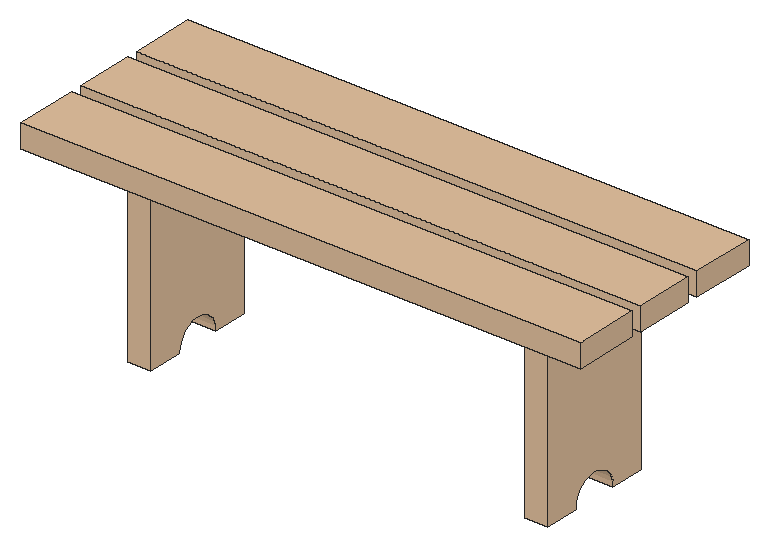
Revit family "0af610f3749c4beab2079806668d6a8e", category Furniture, Revit 2021
Family settings
  OmniClass Number = 23.40.20.14.14.21
  OmniClass Title = Benches
  Seek Item ID = Bench-Locker Room-0000-USA-ENU
  Work Plane-Based = No
  Always vertical = Yes
  Cut with Voids When Loaded = No
  Shared = Yes
  Room Calculation Point = No
Parameters (values of type "48" x 18" x 18"")
  Default Elevation = 0' - 0"
  Assembly Code = "E2020200"
  Bench Material = Cherry
  Depth = 1' - 6"
  Height = 1' - 6"
  Width = 4' - 0"
Types (4): name | Height | Width
  (no name) | 1' - 6" | 4' - 0"
  48" x 18" x 14" | 1' - 2" | 4' - 0"
  48" x 18" x 18" | 1' - 6" | 4' - 0"
  60" x 18" x 18" | 1' - 6" | 5' - 0"
Reference planes (in)
  plane 1 "Center (Front/Back)": y = -7.11475
  plane 2: z = 0
  plane 3 "Center (Left/Right)": x = -6.11475
  plane 4: y = 1.88525
  plane 5: y = -16.11475
  plane 6: x = 17.88525
  plane 7: x = -30.11475
  plane 8: y = -2.11475
  plane 9: y = -12.11475
  plane 10: y = -12.11475
  plane 11: y = -2.11475
  plane 12: y = -4.11475
  plane 13: y = -10.11475
Forms (in)
  Extrusion 1, solid, material "Cherry" <- "Bench Material"
    sketch origin (0, 0, 0) x (1, 0, 0) y (0, 1, 0)
      loop
        line (-30.11475, 1.88525) -> (-30.11475, -3.61475) -> (17.88525, -3.61475) -> (17.88525, 1.88525) -> (-30.11475, 1.88525)
      loop
        line (-30.11475, -16.11475) -> (17.88525, -16.11475) -> (17.88525, -10.61475) -> (-30.11475, -10.61475) -> (-30.11475, -16.11475)
      loop
        line (-30.11475, -4.61475) -> (-30.11475, -9.61475) -> (17.88525, -9.61475) -> (17.88525, -4.61475) -> (-30.11475, -4.61475)
    from 16 to 18
  Extrusion 2, solid, material "Cherry" <- "Bench Material"
    sketch origin (-30.11475, 1.88525, 18) x (0, 0, -1) y (0, -1, 0)
      loop
        line (2, 4) -> (18, 4) -> (18, 7)
        arc (18, 7) -> (16, 9) -> (18, 11) r 2
        line (18, 11) -> (18, 14) -> (2, 14) -> (2, 4)
    from -6 to -8
  Extrusion 3, solid, material "Cherry" <- "Bench Material"
    sketch origin (17.88525, -3.61475, 18) x (0, 0, -1) y (0, 1, 0)
      loop
        line (2, -8.5) -> (18, -8.5) -> (18, -5.5)
        arc (18, -5.5) -> (16, -3.5) -> (18, -1.5) r 2
        line (18, -1.5) -> (18, 1.5) -> (2, 1.5) -> (2, -8.5)
    from -6 to -8
Lines and regions (in)
  Masking region 1
    outline origin (0, 0, 0) x (1, 0, 0) y (0, 1, 0)
      loop
        line (-30.11475, 1.88525) -> (-30.11475, -16.11475) -> (17.88525, -16.11475) -> (17.88525, 1.88525) -> (-30.11475, 1.88525)
  symbolic lines
    curve 1: line (-30.11475, -3.61475, 0) -> (17.88525, -3.61475, 0)
    curve 2: line (-30.11475, -4.61475, 0) -> (17.88525, -4.61475, 0)
    curve 3: line (-30.11475, -10.61475, 0) -> (17.88525, -10.61475, 0)
    curve 4: line (-30.11475, -9.61475, 0) -> (17.88525, -9.61475, 0)
Dimensions and locks (in)
  equal spacing: plane 7, plane 3 "Center (Left/Right)", plane 6
  equal spacing: plane 5, plane 1 "Center (Front/Back)", plane 4
  "Width": plane 7 to plane 6
  "Depth": plane 5 to plane 4
  "Height": Extrusion 1 to plane 2
  locked: Extrusion 1 to Extrusion 1 at 2
  locked: plane 4 to plane 8 at 4
  locked: plane 9 to plane 5 at 4
  locked: plane 5 to plane 10 at 4
  locked: plane 11 to plane 4 at 4
  equal spacing: plane 5, plane 13, plane 12, plane 4
  Extrusion 1 sketch curve to plane 12 to Extrusion 1 sketch curve = 0' - 0 1/2", 0' - 0 1/2"
  Extrusion 1 sketch curve to plane 13 to Extrusion 1 sketch curve = 0' - 0 1/2", 0' - 0 1/2"
  aligned and locked: plane 9 to Extrusion 2 sketch curve
  aligned and locked: Extrusion 2 sketch curve to Extrusion 1
  aligned and locked: plane 10 to Extrusion 3 sketch curve
  aligned and locked: plane 11 to Extrusion 3 sketch curve
  aligned and locked: Extrusion 3 sketch curve to Extrusion 1
  aligned and locked: Masking region 1 sketch curve to plane 7
  aligned and locked: plane 6 to Masking region 1 sketch curve
  aligned and locked: plane 4 to Masking region 1 sketch curve
  aligned and locked: Masking region 1 sketch curve to plane 5
  aligned and locked: curve 1 to Extrusion 1
  aligned and locked: curve 2 to Extrusion 1
  aligned and locked: curve 3 to Extrusion 1
  aligned and locked: curve 4 to Extrusion 1
Automatic sketch dimensions
  Extrusion 2 sketch curve to plane 8 = 0' - 0"
  Extrusion 2 sketch curve to level = 0' - 0"
  Extrusion 2 sketch curve to plane 1 "Center (Front/Back)" = 0' - 0"
  Extrusion 2 sketch curve to Extrusion 2 sketch curve = 0' - 3"
  Extrusion 3 sketch curve to level = 0' - 0"
  Extrusion 3 sketch curve to plane 1 "Center (Front/Back)" = 0' - 0"
  Extrusion 3 sketch curve to Extrusion 3 sketch curve = 0' - 3"
  Extrusion 1 sketch curve to plane 7 = 0' - 0"  (x3)
  Extrusion 1 sketch curve to plane 6 = 0' - 0"  (x3)
  Extrusion 1 sketch curve to plane 5 = 0' - 0"
  Extrusion 1 sketch curve to plane 4 = 0' - 0"
  curve 4 to plane 7 = 0' - 0"
  curve 2 to plane 7 = 0' - 0"
  curve 3 to plane 7 = 0' - 0"
  curve 1 to plane 7 = 0' - 0"
  curve 3 to plane 6 = 0' - 0"
  curve 2 to plane 6 = 0' - 0"
  curve 4 to plane 6 = 0' - 0"
  curve 1 to plane 6 = 0' - 0"
